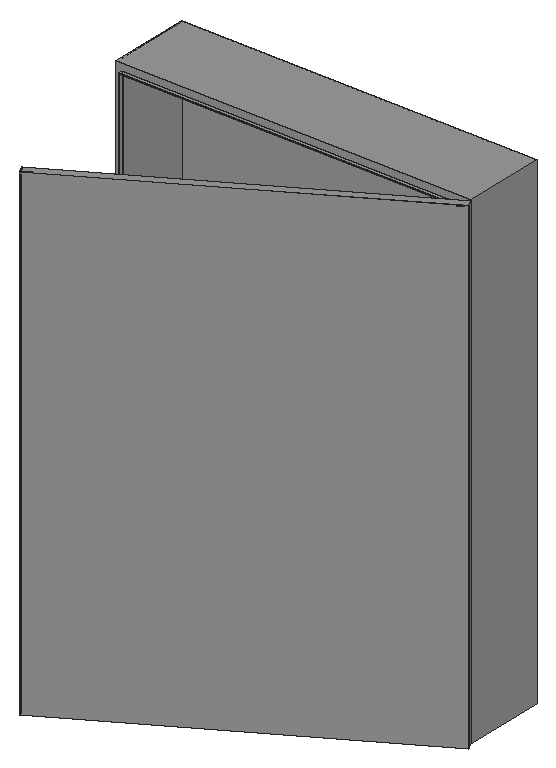
Revit family "Hager-Univers-IP54-D205-H1100-Cl.I-Encl-NoHosted-DE-de", category Equipement électrique, Revit 2020
Family settings
  Configuration du panneau = Deux colonnes, circuits au sein
  Cote de connecteur circulaire = Utiliser le diamètre
  Type d'élément = Tableau de raccordement
  Basée sur le plan de construction = Oui
  Toujours verticalement = Oui
  Couper avec des vides une fois chargée = Non
  Partagée = Non
  Point de calcul de pièce = Non
Parameters (values of type "Aufputz IP54 B800 H1100 T205  - FP73TW2")
  Width Control [instance] = if([EF000008 - Breite] > Min Width, [EF000008 - Breite], Min Width)  # 800 mm
  Commentaires du type = [HG000003 - Bereich]  # "Univers"
  Thickness Door [instance] = if([EF009171 - Materialstärke Tür/Deckel] > 3 mm, 3 mm, [EF009171 - Materialstärke Tür/Deckel])  # 1 mm
  Seal Frame Offset [instance] = 17 mm  # constant formula
  Plinth Visibility [instance] = [HG000027 - Sockelhöhe] > 0 mm  # no
  Min Width [instance] = 100 mm  # constant formula
  Min Depth [instance] = (2 * [EF009170 - Materialstärke Gehäuse]) + 1 mm  # 3 mm
  Min Height [instance] = 100 mm  # constant formula
  Internal Frame Depth [instance] = (Door System Depth * 0.5)  # 9 mm
  Panel Name [instance] = ""  # (empty or 0)
  Model = ""
  HG000027 - Sockelhöhe = 0 mm
  HG000026 - Stehend auf dem Boden = no
  HG000024 - Höhe des unteren Teils = 600 mm
  HG000023 - Gehäuse mit doppeltem Querschnitt = no
  HG000016 - 3D-Türsichtbarkeit [instance] = yes
  HG000015 - Sichtbarkeit der Türöffnung [instance] = no
  HG000014 - Tür rechts [instance] = yes
  HG000013 - Tür links [instance] = not([HG000014 - Tür rechts])  # no
  HG000012 - Türschwenkwinkel [instance] = 30.00°
  HG000010 - Asymmetrische Türen = no
  HG000009 - Doppelflügeligen Tür = no
  HG000006 - Unterputz = no
  HG000004 - Herstellerreferenz = "FP73TW2"
  HG000003 - Bereich = "Univers"
  HG000002 - Mit tür = yes
  Frame Offset Bottom [instance] = 10 mm  # constant formula
  Frame Offset [instance] = 15 mm  # constant formula
  EF015940 - Deckel mit Überdruckentlastung = no
  EF011959 - Schutzart (NEMA) = ""
  EF009554 - Anzahl der Öffnungen für Flanschplatten = 6
  EF009212 - Ausführung Deckel = "EV000116 - geschlossen"
  EF009171 - Materialstärke Tür/Deckel = 1 mm
  EF009170 - Materialstärke Gehäuse = 1 mm
  EF008873 - Nennstrom (In) = 250 A
  EF007800 - Geeignet für Blitzschutz = no
  EF006306 - Mit Schloss = no
  EF006244 - Transparenter Deckel/Tür = no
  EF005474 - Schutzart (IP) = "EV006419 - IP54"
  EF004464 - Art der Tür = "EV002646 - Einzel"
  EF004427 - Anzahl der Module = 252
  EF004293 - Schlagfestigkeit = "EV006815 - IK09"
  EF003532 - Geeignet für Außengebrauch = no
  EF002950 - Breite in Teilungseinheiten = 36
  EF001613 - Funktionserhalt = "EV000494 - ohne"
  EF001596 - Werkstoff des Gehäuses = "EV000179 - Stahl"
  EF001131 - Innentiefe = 130 mm
  EF001088 - Anbaumöglichkeit = yes
  EF000437 - Anzahl der Leitungseinführungen = 6
  EF000339 - Art der Abdeckung = "EV001012 - Deckel"
  EF000266 - Anzahl der Reihen = 7
  EF000218 - Einbautiefe = 205 mm
  EF000118 - Mit Montageplatte = no
  EF000116 - RAL-Nummer = "9010"
  EF000049 - Tiefe = 205 mm
  EF000040 - Höhe = 1100 mm
  EF000008 - Breite = 800 mm
  EF000007 - Farbe = "EV000202 - weiß"
  EF000003 - Montageart = "EV000384 - Aufputz"
  Door System Leaf Tolerance [instance] = 1.5 mm  # constant formula
  Door System Depth [instance] = 18 mm  # constant formula
  Door Height [instance] = Height Control - [HG000027 - Sockelhöhe]  # 1100 mm
  Description = ""
  Default Elevation = 1219.2 mm
  Connector Offset [instance] = Height Control / 2  # 550 mm
  Fabricant = "Hager"  # constant formula
  Height Control [instance] = if([EF000040 - Höhe] > Min Height, [EF000040 - Höhe], Min Height)  # 1100 mm
  Depth Control [instance] = if([EF000049 - Tiefe] > Min Depth, [EF000049 - Tiefe], Min Depth)  # 205 mm
  Bottom Top Plate Trim [instance] = 1.5 mm  # constant formula
  Plinth height Ctrl [instance] = if([HG000027 - Sockelhöhe] > 0 mm, [HG000027 - Sockelhöhe], 12 mm)  # 12 mm
Types (8, lengths in mm): name | Width Control | HG000009 - Doppelflügeligen Tür | HG000004 - Herstellerreferenz | EF009554 - Anzahl der Öffnungen für Flanschplatten | EF004464 - Art der Tür | EF004427 - Anzahl der Module | EF002950 - Breite in Teilungseinheiten | EF000437 - Anzahl der Leitungseinführungen | EF000008 - Breite
  Aufputz IP54 B1300 H1100 T205  - FP75TW | 1300 | yes | "FP75TW" | 10 | "EV003602 - Doppel" | 420 | 60 | 10 | 1300
  Aufputz IP54 B1300 H1100 T205  - FP75TW2 | 1300 | no | "FP75TW2" | 10 | "EV003602 - Doppel" | 420 | 60 | 10 | 1300
  Aufputz IP54 B300 H1100 T205  - FP71TW | 300 | no | "FP71TW" | 2 | "EV002646 - Einzel" | 84 | 12 | 2 | 300
  Aufputz IP54 B300 H1100 T205  - FP71TW2 | 300 | no | "FP71TW2" | 2 | "EV002646 - Einzel" | 84 | 12 | 2 | 300
  Aufputz IP54 B550 H1100 T205  - FP72TW | 550 | no | "FP72TW" | 4 | "EV002646 - Einzel" | 168 | 24 | 4 | 550
  Aufputz IP54 B550 H1100 T205  - FP72TW2 | 550 | no | "FP72TW2" | 4 | "EV002646 - Einzel" | 168 | 24 | 4 | 550
  Aufputz IP54 B800 H1100 T205  - FP73TW | 800 | no | "FP73TW" | 6 | "EV002646 - Einzel" | 252 | 36 | 6 | 800
  Aufputz IP54 B800 H1100 T205  - FP73TW2 | 800 | no | "FP73TW2" | 6 | "EV002646 - Einzel" | 252 | 36 | 6 | 800
Reference planes
  plane 1 "Center (Front/Back)": y = 0
  plane 2: z = 0
  plane 3 "Center (Left/Right)": x = 0
  plane 4: y = 0
  plane 5: y = 0
  plane 6: z = 0
  plane 7: x = -400
  plane 8: x = 400
  plane 9: x = 399
  plane 10: x = -399
  plane 11: z = 0
  plane 12: z = 1
  plane 13: y = -205
  plane 14: y = -1
  plane 15: x = 0
  plane 16: y = -187
  plane 17: y = -204
  plane 18: y = -186
  plane 19: x = -384
  plane 20: x = 384
  plane 21: z = 11
  plane 22: x = -383
  plane 23: x = 383
  plane 24: z = 0
  plane 25: z = 1100
  plane 26: z = 1100
  plane 27: z = 1084
  plane 28: z = 1099
Forms (mm)
  Extrusion 1, solid, material "Hager_Steel_RAL7035_Light_Grey", detail levels medium+fine
    sketch origin (-208.679, -4572, 0) x (-1, 0, 0) y (0, -1, 0)
      loop
        line (191.321, -4385) -> (-608.679, -4385) -> (-608.679, -4572) -> (191.321, -4572) -> (191.321, -4385)
    from 0 to 1100
  Extrusion 2, void
    sketch origin (-350.771, -205, 1219.2) x (1, 0, 0) y (0, 0, 1)
      loop
        line (-48.229, -120.2) -> (-48.229, -1218.2) -> (749.771, -1218.2) -> (749.771, -120.2) -> (-48.229, -120.2)
    from -19 to -204
  Extrusion 3, void
    sketch origin (-290.084, -187, 1219.2) x (1, 0, 0) y (0, 0, 1)
      loop
        line (-93.916, -1208.2) -> (674.084, -1208.2) -> (674.084, -135.2) -> (-93.916, -135.2) -> (-93.916, -1208.2)
    from 0 to -1
  Extrusion 4, solid, material "Hager_Steel_RAL7035_Light_Grey", visible <- "Plinth Visibility", detail levels medium+fine
    sketch origin (0, 0, 0) x (1, 0, 0) y (0, 1, 0)
      loop
        line (-400, 0) -> (-400, -187) -> (400, -187) -> (400, 0) -> (-400, 0)
    from 0 to 12 <- "Plinth height Ctrl"
  Extrusion 5, solid, material "Hager_Steel_RAL7035_Light_Grey", detail levels coarse
    sketch origin (0, 0, 0) x (1, 0, 0) y (0, 1, 0)
      loop
        line (-400, 0) -> (-400, -205) -> (400, -205) -> (400, 0) -> (-400, 0)
    from 0 to 1100 <- "Height Control"
  Sweep 6, void
    path in 3D
      loop
        line (-400, -187, 12) -> (400, -187, 12) -> (400, 0, 12) -> (-400, 0, 12) -> (-400, -187, 12)
    profile origin (-400, -93.5, 12) x (1, 0, 0) y (0, 0, 1)
      loop
        line (0, 0) -> (0, -1.5) -> (1.5, -1.5)
        arc (1.5, -1.5) -> (1.061, -0.439) -> (0, 0) r 1.5
  Extrusion 7, solid, material "Hager_Steel_RAL7035_Light_Grey", detail levels fine
    sketch origin (-400, -187, 0) x (1, 0, 0) y (0, 0, 1)
      loop
        line (16, 11) -> (784, 11) -> (784, 1084) -> (16, 1084) -> (16, 11)
      loop
        line (15, 10) -> (785, 10) -> (785, 1085) -> (15, 1085) -> (15, 10)
    from 0 to 9 <- "Internal Frame Depth"
Cuts and joins
  Extrusion 2, Extrusion 3 cuts Extrusion 1
  Sweep 6 cuts Extrusion 4
Lines and regions (mm)
  Masking region 1
    outline origin (0, 0, 0) x (1, 0, 0) y (0, 1, 0)
      loop
        line (-400, 0) -> (-400, -205) -> (400, -205) -> (400, 0) -> (-400, 0)
  Masking region 2, detail levels coarse
    outline origin (-290.084, -187, 1219.2) x (-1, 0, 0) y (0, 0, 1)
      loop
        line (-690.084, -1219.2) -> (109.916, -1219.2) -> (109.916, -119.2) -> (-690.084, -119.2) -> (-690.084, -1219.2)
  Masking region 3, detail levels coarse
    outline origin (0, 0, 0) x (0, 1, 0) y (0, 0, 1)
      loop
        line (0, 0) -> (0, 1100) -> (-205, 1100) -> (-205, 0) -> (0, 0)
  Masking region 4, visible <- "Plinth Visibility", detail levels medium+fine
    outline origin (0, 0, 0) x (0, 1, 0) y (0, 0, 1)
      loop
        line (-1.5, 12) -> (-185.5, 12)
        arc (-185.5, 12) -> (-185.939, 10.939) -> (-187, 10.5) r 1.5
        line (-187, 10.5) -> (-187, 0) -> (0, 0) -> (0, 10.5)
        arc (0, 10.5) -> (-1.061, 10.939) -> (-1.5, 12) r 1.5
  Masking region 5, detail levels medium+fine
    outline origin (0, 0, 594.038) x (0, 1, 0) y (0, 0, 1)
      loop
        line (0, -594.038) -> (0, 505.962) -> (-187, 505.962) -> (-187, -594.038) -> (0, -594.038)
  Masking region 6, detail levels medium+fine
    outline origin (-359.7, -187, 1211.883) x (-1, 0, 0) y (0, 0, 1)
      loop
        line (-759.7, -1211.883) -> (40.3, -1211.883) -> (40.3, -111.883) -> (-759.7, -111.883) -> (-759.7, -1211.883)
  Masking region 7, visible <- "Plinth Visibility", detail levels medium+fine
    outline origin (-320.334, -187, 1041.368) x (-1, 0, 0) y (0, 0, 1)
      loop
        line (-720.334, -1041.368) -> (79.666, -1041.368) -> (79.666, -1030.868)
        arc (79.666, -1030.868) -> (78.606, -1030.429) -> (78.166, -1029.368) r 1.5
        line (78.166, -1029.368) -> (-718.834, -1029.368)
        arc (-718.834, -1029.368) -> (-719.273, -1030.429) -> (-720.334, -1030.868) r 1.5
        line (-720.334, -1030.868) -> (-720.334, -1041.368)
  sketch lines
    curve 1: line (-400, 0, 12) -> (-400, -187, 12)
    curve 2: line (-400, -187, 12) -> (400, -187, 12)
    curve 3: line (400, 0, 12) -> (-400, 0, 12)
    curve 4: line (400, -187, 12) -> (400, 0, 12)
Dimensions and locks
  locked: plane 1 "Center (Front/Back)" to plane 5
  "EF009170 - Materialstärke Gehäuse": plane 7 to plane 10
  "EF009170 - Materialstärke Gehäuse": plane 8 to plane 9
  equal spacing: plane 7, plane 3 "Center (Left/Right)", plane 8
  "Width Control": plane 7 to plane 8
  "Depth Control": plane 4 to plane 13
  "EF009170 - Materialstärke Gehäuse": plane 4 to plane 14
  "Height Control": plane 25 to level
  "HG000027 - Sockelhöhe": plane 11 to level
  "EF009170 - Materialstärke Gehäuse": plane 12 to plane 11
  "EF009170 - Materialstärke Gehäuse": plane 17 to plane 13
  "EF009170 - Materialstärke Gehäuse": plane 18 to plane 16
  "Frame Offset Bottom": plane 21 to plane 12
  "Frame Offset": plane 10 to plane 19
  "Frame Offset": plane 9 to plane 20
  "Door System Depth": plane 16 to plane 13
  "Seal Frame Offset": plane 7 to plane 22
  "Seal Frame Offset": plane 8 to plane 23
  "EF009170 - Materialstärke Gehäuse": plane 26 to plane 28
  "Frame Offset": plane 28 to plane 27
  "Connector Offset": plane 2 to connector elem
  "Bottom Top Plate Trim": profile plane to Sweep 6 sketch curve
  "Bottom Top Plate Trim": Sweep 6 sketch curve to Sweep 6 sketch curve
  "Plinth height Ctrl": Masking region 4 sketch curve to level
  "Plinth height Ctrl": Masking region 7 sketch curve to level
  "Thickness Door": Extrusion 7 sketch curve to Extrusion 7 sketch curve  (x4)
  "Bottom Top Plate Trim": radius of Sweep 6 sketch curve
  "Bottom Top Plate Trim": radius of Masking region 4 sketch curve  (x2)
  "Bottom Top Plate Trim": radius of Masking region 7 sketch curve  (x2)
  aligned and locked: Extrusion 2 sketch curve to plane 12
  aligned and locked: Extrusion 2 sketch curve to plane 9
  aligned and locked: Extrusion 2 sketch curve to plane 10
  aligned and locked: Extrusion 2 to plane 14
  aligned and locked: Extrusion 1 sketch curve to plane 4
  aligned and locked: plane 8 to Extrusion 1 sketch curve
  aligned and locked: plane 7 to Extrusion 1 sketch curve
  aligned and locked: Extrusion 2 to plane 18
  aligned and locked: Extrusion 3 sketch curve to plane 19
  aligned and locked: plane 20 to Extrusion 3 sketch curve
  aligned and locked: Extrusion 3 to Extrusion 2
  aligned and locked: Extrusion 3 sketch curve to plane 21
  aligned and locked: plane 3 "Center (Left/Right)" to nested 1
  aligned and locked: Extrusion 1 sketch curve to plane 16
  aligned and locked: Extrusion 4 sketch curve to cut or joined group of Extrusion 1, Extrusion 2, Extrusion 3
  aligned and locked: Masking region 1 sketch curve to plane 7
  aligned and locked: Masking region 1 sketch curve to plane 5
  aligned and locked: Masking region 1 sketch curve to plane 8
  aligned and locked: Masking region 2 sketch curve to level
  aligned and locked: level to Masking region 3 sketch curve
  aligned and locked: plane 1 "Center (Front/Back)" to Masking region 3 sketch curve
  aligned and locked: plane 13 to Masking region 3 sketch curve
  aligned and locked: plane 5 to Masking region 4 sketch curve
  aligned and locked: Masking region 2 sketch curve to plane 8
  aligned and locked: Masking region 2 sketch curve to plane 7
  aligned and locked: plane 7 to nested 2
  aligned and locked: nested 2 to plane 5
  aligned and locked: plane 5 to Masking region 5 sketch curve
  aligned and locked: plane 26 to Masking region 5 sketch curve
  aligned and locked: Extrusion 5 sketch curve to plane 8
  aligned and locked: Extrusion 5 sketch curve to plane 7
  aligned and locked: Extrusion 5 sketch curve to plane 5
  aligned and locked: Extrusion 3 sketch curve to plane 27
  aligned and locked: Extrusion 2 sketch curve to plane 28
  aligned and locked: Masking region 2 to plane 25
  aligned and locked: Extrusion 4 to plane 16
  aligned and locked: profile plane to Sweep 6 sketch curve
  aligned and locked: Masking region 5 sketch curve to plane 24
  aligned and locked: level to Masking region 4 sketch curve
  aligned and locked: Masking region 1 to plane 13
  aligned and locked: nested 1 to plane 16
  aligned and locked: Masking region 3 to plane 25
  aligned and locked: plane 16 to Masking region 4 sketch curve
  aligned and locked: Masking region 5 sketch curve to plane 16
  aligned and locked: plane 24 to plane 11
  aligned and locked: plane 26 to plane 25
  aligned and locked: plane 26 to cut or joined group of Extrusion 1, Extrusion 2, Extrusion 3
  aligned and locked: nested 1 to plane 24
  aligned and locked: Extrusion 1 to Extrusion 3
  aligned and locked: Masking region 6 sketch curve to plane 8
  aligned and locked: Masking region 6 sketch curve to plane 24
  aligned and locked: Masking region 6 sketch curve to plane 7
  aligned and locked: Masking region 6 sketch curve to plane 26
  aligned and locked: Masking region 7 sketch curve to plane 7
  aligned and locked: level to Masking region 7 sketch curve
  aligned and locked: Masking region 7 sketch curve to plane 8
  aligned and locked: Extrusion 7 sketch curve to cut or joined group of Extrusion 1, Extrusion 2, Extrusion 3  (x4)
Automatic sketch dimensions
  plane 19 to Extrusion 3 sketch curve = 0 mm
  Extrusion 3 sketch curve to plane 20 = 0 mm
  Extrusion 3 sketch curve to plane 21 = 0 mm
  Extrusion 4 sketch curve to plane 7 = 0 mm
  Extrusion 4 sketch curve to plane 8 = 0 mm
  Extrusion 4 sketch curve to plane 16 = 0 mm
  Masking region 1 sketch curve to plane 13 = 0 mm
  Masking region 2 sketch curve to plane 25 = 0 mm
  Masking region 3 sketch curve to plane 25 = 0 mm
  Extrusion 5 sketch curve to plane 13 = 0 mm
  profile plane to Sweep 6 sketch curve = 0 mm
Nested families
  nested 1: "EC000058_Univers_Door" at (0, -187, 0), Double <- "HG000009 - Doppelflügeligen Tür", Transparent <- "EF006244 - Transparenter Deckel/Tür", Angle <- "HG000012 - Türschwenkwinkel", Door_Right <- "HG000014 - Tür rechts", Assymetrical <- "HG000010 - Asymmetrische Türen", Door <- "HG000002 - Mit tür", Width_Ctrl <- "Width Control", 3d_Door <- "HG000016 - 3D-Türsichtbarkeit", Clearance <- "HG000015 - Sichtbarkeit der Türöffnung", Door_Left <- "HG000013 - Tür links", Width <- "Width Control", Door_Depth <- "Door System Depth", Leaf_Tolerance <- "Door System Leaf Tolerance", Height <- "Door Height", Lock_Visibility <- "EF006306 - Mit Schloss", Thickness <- "Thickness Door", type "EC000058_Univers_Door", detail levels medium+fine
    with min_wh 3 mm, Width_Ctrl 800 mm, Width 800 mm, Transparent no, Thickness 1 mm, Seal_Material Hager_Rubber, Lock_Visibility no, Lock_Material Hager_Plastic_RAL9005_Jet_Black, Leaf_Width 800 mm, Leaf_Tolerance_External_Sides 0 mm, Leaf_Tolerance 1.5 mm, Leaf_Offset 0 mm, Leaf_Height 1097 mm, Leaf_2_Width 800 mm, Leaf_2_Offset 400 mm, Leaf_1_Width 800 mm, Leaf_1_Offset 400 mm, Height_Ctrl 1100 mm, Height 1100 mm, Glass_Material Hager_Glass, Double_Clearance_Ctrl no, Double no, Door_Right_Ctrl yes, Door_Right yes, Door_Material Hager_Steel_RAL7035_Light_Grey, Door_Left_Ctrl no, Door_Left no, Door_Depth 18 mm, Door yes, Clearance_Material Hager_Clearance, Clearance_Depth 800 mm, Clearance_Ctrl no, Clearance no, Assymetrical no, Angle 30.00°, 3d_Door yes
  nested 2: "Hager_Enclosure_Symbol" at (-400, 0, 0), Height <- "Depth Control", Width <- "Width Control", type "Hager_Enclosure_Symbol"
    with Width_Ctrl 800 mm, Width 800 mm, Height_Ctrl 205 mm, Height 205 mm, A_Width_Int 13.453 mm, A_Width 161.438 mm, A_Height_Ctrl 179.375 mm, A_Height 179.375 mm
Connectors
  electrical at (0, 0, 550)
    settings: on plane 1 "Center (Front/Back)", index 1, voltage 0 V, apparent load 0 VA, apparent load phase1 0 VA, apparent load phase2 0 VA, apparent load phase3 0 VA, power factor 1, load classification "Other", number of poles 1, system type 30, power factor state 1, is connector primary yes, connector utility no, sub classification motor no, connector description ""
Definition of nested family "EC000058_Univers_Door"
  Parameters (values of type "EC000058_Univers_Door")
    min_wh [instance] = (2 * Thickness) + 1 mm  # 11 mm
    Width_Ctrl [instance] = 400 mm
    Width [instance] = 500 mm
    Transparent [instance] = yes
    Thickness [instance] = 5 mm
    Seal_Material [instance] = none
    Lock_Visibility [instance] = yes
    Lock_Material [instance] = none
    Leaf_Width [instance] = if((Width_Ctrl - 2 * Leaf_Tolerance_External_Sides) > 0 mm, (Width_Ctrl - 2 * Leaf_Tolerance_External_Sides), min_wh)  # 400 mm
    Leaf_Tolerance_External_Sides [instance] = 0 mm  # constant formula
    Leaf_Tolerance [instance] = 1.5 mm
    Leaf_Offset [instance] = 0 mm  # constant formula
    Leaf_Height [instance] = if((Height_Ctrl - 2 * Leaf_Tolerance) > 0 mm, (Height_Ctrl - 2 * Leaf_Tolerance), min_wh)  # 497 mm
    Leaf_2_Width [instance] = if(and(and(Double, Assymetrical), Door_Left), (Leaf_Width / 3) - (Leaf_Tolerance / 2), if(and(and(Double, Assymetrical), Door_Right), (Leaf_Width / 3) * 2 - (Leaf_Tolerance / 2), if(and(Double, not(Assymetrical)), (Leaf_Width / 2) - Leaf_Tolerance, Leaf_Width)))  # 400 mm
    Leaf_2_Offset [instance] = if(and(Double, Assymetrical), Leaf_2_Width / 2, if(and(Double, not(Assymetrical)), Leaf_Width / 4, Leaf_Width / 2))  # 200 mm
    Leaf_1_Width [instance] = if(and(and(Double, Assymetrical), Door_Right), (Leaf_Width / 3) - (Leaf_Tolerance / 2), if(and(and(Double, Assymetrical), Door_Left), (Width / 3) * 2 - (Leaf_Tolerance / 2), if(and(Double, not(Assymetrical)), (Leaf_Width / 2) - Leaf_Tolerance, Leaf_Width)))  # 400 mm
    Leaf_1_Offset [instance] = if(and(Double, Assymetrical), Leaf_1_Width / 2, if(and(Double, not(Assymetrical)), Leaf_Width / 4, Leaf_Width / 2))  # 200 mm
    Height_Ctrl [instance] = if(Height > min_wh, Height, min_wh)  # 500 mm
    Height [instance] = 500 mm
    Glass_Material [instance] = none
    Double_Clearance_Ctrl [instance] = and(Double, Clearance)  # no
    Double [instance] = no
    Door_Right_Ctrl [instance] = and(or(Door_Right, Double), Door)  # yes
    Door_Right [instance] = yes
    Door_Material [instance] = none
    Door_Left_Ctrl [instance] = and(or(Door_Left, Double), Door)  # no
    Door_Left [instance] = no
    Door_Depth [instance] = 30 mm
    Door [instance] = yes
    Default Elevation = 1219.2 mm
    Clearance_Material [instance] = none
    Clearance_Depth [instance] = if(Leaf_1_Width > Leaf_2_Width, Leaf_1_Width, Leaf_2_Width)  # 400 mm
    Clearance_Ctrl [instance] = and(not(Double), Clearance)  # yes
    Clearance [instance] = yes
    Assymetrical [instance] = yes
    Angle [instance] = 30.00°
    3d_Door [instance] = yes
  Reference planes
    plane 1 "Center (Front/Back)": y = 0
    plane 2 "Bottom": z = 0
    plane 3 "Center (Left/Right)": x = 0
    plane 4: z = 500
    plane 5: x = -200
    plane 6: x = 200
    plane 7: z = 500
    plane 8: x = -200
    plane 9: z = 0
    plane 10: x = 200
    plane 11: y = 0
    plane 12: z = 1.5
    plane 13: x = -600
    plane 14: y = -400
    plane 15: x = 600
    plane 16: x = 0
    plane 17: x = 0
    plane 18: x = -200
    plane 19: x = 200
    plane 20: z = 498.5
  Forms (mm)
    Extrusion 1, solid, material <- "Clearance_Material", visible <- "Double_Clearance_Ctrl"
      sketch origin (1200, 0, 0) x (1, 0, 0) y (0, 0, -1)
        loop
          line (-1800, -498.5) -> (-600, -498.5) -> (-600, 0) -> (-1800, 0) -> (-1800, -498.5)
      from 0 to -400
  Dimensions and locks
    equal spacing: plane 5, plane 3 "Center (Left/Right)", plane 6
    "Width_Ctrl": plane 5 to plane 6
    "Leaf_Offset": plane 5 to plane 8
    "Leaf_Offset": plane 6 to plane 10
    "Leaf_Offset": plane 9 to level
    "Leaf_Offset": plane 4 to plane 7
    "Height_Ctrl": plane 4 to level
    "Leaf_Tolerance": plane 12 to plane 9
    locked: plane 11 to plane 1 "Center (Front/Back)"
    "Leaf_1_Offset": plane 18 to plane 16
    "Leaf_2_Offset": plane 17 to plane 19
    "Leaf_1_Width": plane 13 to plane 8
    "Leaf_2_Width": plane 10 to plane 15
    "Clearance_Depth": plane 14 to plane 1 "Center (Front/Back)"
    "Leaf_Tolerance_External_Sides": plane 8 to plane 18
    "Leaf_Tolerance_External_Sides": plane 19 to plane 10
    "Leaf_Tolerance": plane 7 to plane 20
    aligned and locked: level to plane 2 "Bottom"
    aligned and locked: nested 1 to plane 16
    aligned and locked: nested 2 to plane 17
    aligned and locked: Extrusion 1 to plane 13
    aligned and locked: plane 15 to Extrusion 1
    aligned and locked: Extrusion 1 to plane 14
    aligned and locked: plane 12 to nested 1
    aligned and locked: nested 2 to plane 12
    aligned and locked: Extrusion 1 to plane 11
    aligned and locked: plane 20 to Extrusion 1
    aligned and locked: nested 2 to plane 11
    aligned and locked: nested 1 to plane 11
  Automatic sketch dimensions
    Extrusion 1 sketch curve to level = 0 mm
    plane 5 to Extrusion 1 sketch curve = 400 mm
    plane 6 to Extrusion 1 sketch curve = 400 mm
    Extrusion 1 sketch curve to plane 4 = 1.5 mm
  Nested families
    nested 1: "EC000058_Univers_Door_Leaf" at (0, 0, 1.5), Width <- "Leaf_1_Width", visible <- "Door_Left_Ctrl", Leaf_Height <- "Leaf_Height", Angle <- "Angle", 3d_Door <- "3d_Door", Transparent <- "Transparent", Clearance Material <- "Clearance_Material", Clearance <- "Clearance_Ctrl", Door_Material <- "Door_Material", Glass_Material <- "Glass_Material", Door_Depth <- "Door_Depth", Lock_Material <- "Lock_Material", Seal_Material <- "Seal_Material", Lock_Visibility <- "Lock_Visibility", Thickness <- "Thickness", type "EC000058_Univers_Door_Leaf"
      with Width 400 mm, Transparent_Glass_Offset 30 mm, Transparent_Ctrl yes, Transparent yes, Thickness 5 mm, Standard no, Seal_Material none, Seal_D2 8 mm, Seal_D1 1 mm, Offset_Internal_Frame 10 mm, Lock_Width 20 mm, Lock_Visibility_3d yes, Lock_Visibility yes, Lock_Thickness_3 3 mm, Lock_Thickness_2 1 mm, Lock_Thickness_1 3 mm, Lock_Radius_Offset_2 16 mm, Lock_Radius_Offset_1 15 mm, Lock_Radius_2 5 mm, Lock_Radius 6 mm, Lock_Offset 5 mm, Lock_Material none, Lock_Height 80 mm, Lock_Cover_Top_Offset_2d 17 mm, Lock_Cover_Height -65 mm, Leaf_Height 497 mm, Internal_Seal_Thickness 8 mm, Internal_Seal_Depth_2 4.5 mm, Internal_Frame_Depth 25 mm, Glass_Thickness -1 mm, Glass_Offset -2 mm, Glass_Material none, Door_Material none, Door_Depth 30 mm, Clearance Material none, Clearance yes, Angle_Ctrl 30.00°, Angle 30.00°, 3d_Door yes
    nested 2: "EC000058_Univers_Door_Leaf" at (0, 0, 1.5) x (-1, 0, 0) z (0, 0, 1), Width <- "Leaf_2_Width", visible <- "Door_Right_Ctrl", Leaf_Height <- "Leaf_Height", Angle <- "Angle", 3d_Door <- "3d_Door", Transparent <- "Transparent", Clearance Material <- "Clearance_Material", Clearance <- "Clearance_Ctrl", Door_Material <- "Door_Material", Glass_Material <- "Glass_Material", Door_Depth <- "Door_Depth", Lock_Material <- "Lock_Material", Seal_Material <- "Seal_Material", Lock_Visibility <- "Lock_Visibility", Thickness <- "Thickness", type "EC000058_Univers_Door_Leaf"
      with Width 400 mm, Transparent_Glass_Offset 30 mm, Transparent_Ctrl yes, Transparent yes, Thickness 5 mm, Standard no, Seal_Material none, Seal_D2 8 mm, Seal_D1 1 mm, Offset_Internal_Frame 10 mm, Lock_Width 20 mm, Lock_Visibility_3d yes, Lock_Visibility yes, Lock_Thickness_3 3 mm, Lock_Thickness_2 1 mm, Lock_Thickness_1 3 mm, Lock_Radius_Offset_2 16 mm, Lock_Radius_Offset_1 15 mm, Lock_Radius_2 5 mm, Lock_Radius 6 mm, Lock_Offset 5 mm, Lock_Material none, Lock_Height 80 mm, Lock_Cover_Top_Offset_2d 17 mm, Lock_Cover_Height -65 mm, Leaf_Height 497 mm, Internal_Seal_Thickness 8 mm, Internal_Seal_Depth_2 4.5 mm, Internal_Frame_Depth 25 mm, Glass_Thickness -1 mm, Glass_Offset -2 mm, Glass_Material none, Door_Material none, Door_Depth 30 mm, Clearance Material none, Clearance yes, Angle_Ctrl 30.00°, Angle 30.00°, 3d_Door yes
  Definition of nested family "EC000058_Univers_Door_Leaf"
    Parameters (values of type "EC000058_Univers_Door_Leaf")
      Width [instance] = 2000 mm
      Transparent_Glass_Offset [instance] = 30 mm
      Transparent_Ctrl [instance] = and(Transparent, [3d_Door])  # yes
      Transparent [instance] = yes
      Thickness [instance] = 5 mm
      Standard [instance] = and(not(Transparent), [3d_Door])  # no
      Seal_Material [instance] = none
      Seal_D2 [instance] = 8 mm  # constant formula
      Seal_D1 [instance] = 1 mm  # constant formula
      Offset_Internal_Frame [instance] = 10 mm  # constant formula
      Lock_Width [instance] = 20 mm  # constant formula
      Lock_Visibility_3d [instance] = and(Lock_Visibility, [3d_Door])  # yes
      Lock_Visibility [instance] = yes
      Lock_Thickness_3 [instance] = 3 mm  # constant formula
      Lock_Thickness_2 [instance] = 1 mm  # constant formula
      Lock_Thickness_1 [instance] = 3 mm  # constant formula
      Lock_Radius_Offset_2 [instance] = Lock_Radius_Offset_1 + 1 mm  # 16 mm
      Lock_Radius_Offset_1 [instance] = 15 mm  # constant formula
      Lock_Radius_2 [instance] = Lock_Radius - 1 mm  # 5 mm
      Lock_Radius [instance] = 6 mm  # constant formula
      Lock_Offset [instance] = 5 mm  # constant formula
      Lock_Material [instance] = none
      Lock_Height [instance] = 80 mm  # constant formula
      Lock_Cover_Top_Offset_2d [instance] = Lock_Radius_Offset_2 + 1 mm  # 17 mm
      Lock_Cover_Height [instance] = -(Lock_Height - Lock_Radius_Offset_1)  # -65 mm
      Leaf_Height [instance] = 2720.336 mm
      Internal_Seal_Thickness [instance] = 8 mm  # constant formula
      Internal_Seal_Depth_2 [instance] = 4.5 mm  # constant formula
      Internal_Frame_Depth [instance] = if(Door_Depth - Thickness > 5 mm, Door_Depth - Thickness, 5 mm)  # 25 mm
      Glass_Thickness [instance] = if(Thickness > 15 mm, Glass_Offset + 10 mm, -1 mm)  # -1 mm
      Glass_Offset [instance] = if(Thickness > 15 mm, -(Thickness + 10 mm) / 2, -2 mm)  # -2 mm
      Glass_Material [instance] = none
      Door_Material [instance] = none
      Door_Depth [instance] = 30 mm
      Default Elevation = 0 mm
      Clearance Material [instance] = none
      Clearance [instance] = yes
      Angle_Ctrl [instance] = if(Angle > 180.00°, 180.00°, Angle)  # 90.00°
      Angle [instance] = 90.00°
      3d_Door [instance] = yes
    Reference planes
      plane 1 "Center (Front/Back)": y = 0
      plane 2: z = 0
      plane 3 "Center (Left/Right)": x = 0
      plane 4: y = 2000
      plane 5: x = -1000
      plane 6: x = 1000
      plane 7: x = -3000
      plane 8: z = 2720.336
      plane 9: z = 30
      plane 10: z = 2690.336
      plane 11: x = 970
      plane 12: x = -970
      plane 13: y = -3
      plane 14: z = 107.833
      plane 15: y = -5
      plane 16: y = -223.314
      plane 17: x = -1000
      plane 18: z = 1360.168
      plane 19: y = 30
    Forms (mm)
      Extrusion 1, solid, material <- "Clearance Material", visible <- "Clearance"
        sketch origin (0, 0, 0) x (1, 0, 0) y (0, 0, 1)
          loop
            line (-3000, 2720.336) -> (-3000, 0) -> (1000, 0) -> (1000, 2720.336) -> (-3000, 2720.336)
        from 0 to -2000
      Extrusion 2, solid, material <- "Door_Material", visible <- "Standard", detail levels medium+fine
        sketch origin (-1000, 0, 0) x (0, 1, 0) y (-1, 0, 0)
          loop
            line (0, 30) -> (0, 25) -> (2000, 25) -> (2000, 30) -> (0, 30)
        from 0 to 2720.336 <- "Leaf_Height"
      Extrusion 3, solid, material <- "Door_Material", visible <- "Transparent_Ctrl", detail levels medium+fine
        sketch origin (-1000, 0, 0) x (0, 1, 0) y (-1, 0, 0)
          loop
            line (0, 25) -> (2000, 25) -> (2000, 30) -> (0, 30) -> (0, 25)
        from 0 to 2720.336 <- "Leaf_Height"
      Extrusion 4, void
        sketch origin (-1025, 2000, 0) x (0, 1, 0) y (0, 0, -1)
          loop
            line (-30, -2690.336) -> (-30, -30) -> (-1970, -30) -> (-1970, -2690.336) -> (-30, -2690.336)
        from 0 to 5 <- "Thickness"
      Sweep 5, solid, material <- "Seal_Material", visible <- "Transparent_Ctrl", detail levels fine
        path in 3D
          loop
            line (-1025, 30, 30) -> (-1025, 30, 2690.336) -> (-1025, 1970, 2690.336) -> (-1025, 1970, 30) -> (-1025, 30, 30)
        profile origin (-1025, 1000, 30) x (1, 0, 0) y (0, 0, 1)
          loop
            line (0, 0) -> (0, -8) -> (1, -8) -> (1, 0) -> (0, 0)
      Extrusion 6, solid, material <- "Glass_Material", visible <- "Transparent_Ctrl", detail levels medium+fine
        sketch origin (-1030, 0, 0) x (0, 1, 0) y (0, 0, -1)
          loop
            line (1970, -2690.336) -> (1970, -30) -> (30, -30) -> (30, -2690.336) -> (1970, -2690.336)
        from -2 <- "Glass_Offset" to -1 <- "Glass_Thickness"
      Extrusion 7, solid, material <- "Door_Material", visible <- "3d_Door", detail levels medium+fine
        sketch origin (-1025, 2000, 0) x (0, -1, 0) y (0, 0, -1)
          loop
            line (0, -2720.336) -> (2000, -2720.336) -> (2000, 0) -> (0, 0) -> (0, -2720.336)
          loop
            line (1995, -5) -> (5, -5) -> (5, -2715.336) -> (1995, -2715.336) -> (1995, -5)
        from 0 to 25 <- "Internal_Frame_Depth"
      Sweep 8, solid, material <- "Seal_Material", visible <- "Transparent_Ctrl", detail levels fine
        path in 3D
          loop
            line (-1025, 0, 0) -> (-1025, 2000, 0) -> (-1025, 2000, 2720.336) -> (-1025, 0, 2720.336) -> (-1025, 0, 0)
        profile origin (-1025, 0, 1360.168) x (1, 0, 0) y (0, 1, 0)
          loop
            line (0, 10) -> (2.975, 10)
            arc (2.975, 10) -> (4.053, 10.447) -> (4.5, 11.525) r 1.525
            line (4.5, 11.525) -> (4.5, 16.527)
            arc (4.5, 16.527) -> (4.069, 17.569) -> (3.027, 18) r 1.473
            line (3.027, 18) -> (0, 18) -> (0, 10)
      Extrusion 9, solid, material <- "Lock_Material", visible <- "Lock_Visibility_3d", detail levels fine
        sketch origin (-1030, 0, 0) x (0, 1, 0) y (0, 0, -1)
          loop
            arc (1993.5, -1400.168) -> (1994.561, -1399.729) -> (1995, -1398.668) r 1.5
            line (1995, -1398.668) -> (1995, -1320.168) -> (1975, -1320.168) -> (1975, -1398.668)
            arc (1975, -1398.668) -> (1975.439, -1399.729) -> (1976.5, -1400.168) r 1.5
            line (1976.5, -1400.168) -> (1993.5, -1400.168)
        from 3 <- "Lock_Thickness_1" to 0
      Blend 10, solid, material <- "Lock_Material", visible <- "Lock_Visibility_3d", detail levels fine
        base sketch origin (-1033, 0, 0) x (0, 1, 0) y (0, 0, -1)
          loop
            line (1975, -1320.168) -> (1975, -1398.668)
            arc (1975, -1398.668) -> (1975.439, -1399.729) -> (1976.5, -1400.168) r 1.5
            line (1976.5, -1400.168) -> (1993.5, -1400.168)
            arc (1993.5, -1400.168) -> (1994.561, -1399.729) -> (1995, -1398.668) r 1.5
            line (1995, -1398.668) -> (1995, -1320.168) -> (1975, -1320.168)
        top sketch origin (-1033, 0, 0) x (0, 1, 0) y (0, 0, -1)
          loop
            line (1976, -1320.168) -> (1976, -1398.668)
            arc (1976, -1398.668) -> (1976.146, -1399.022) -> (1976.5, -1399.168) r 0.5
            line (1976.5, -1399.168) -> (1993.5, -1399.168)
            arc (1993.5, -1399.168) -> (1993.854, -1399.022) -> (1994, -1398.668) r 0.5
            line (1994, -1398.668) -> (1994, -1320.168) -> (1976, -1320.168)
        from 0 to 1 <- "Lock_Thickness_2"
      Blend 11, solid, material <- "Lock_Material", visible <- "Lock_Visibility_3d", detail levels fine
        base sketch origin (-1034, 0, 0) x (0, 1, 0) y (0, 0, -1)
          loop
            line (1978, -1320.168) -> (1978, -1384.168)
            arc (1978, -1384.168) -> (1985, -1391.168) -> (1992, -1384.168) r 7
            line (1992, -1384.168) -> (1992, -1320.168) -> (1978, -1320.168)
        top sketch origin (-1034, 0, 0) x (0, 1, 0) y (0, 0, -1)
          loop
            line (1991, -1320.168) -> (1979, -1320.168) -> (1979, -1383.168)
            arc (1979, -1383.168) -> (1985, -1389.168) -> (1991, -1383.168) r 6
            line (1991, -1383.168) -> (1991, -1320.168)
        from 0 to 3 <- "Lock_Thickness_3"
      Extrusion 12, solid, material <- "Lock_Material", visible <- "Lock_Visibility_3d", detail levels fine
        sketch origin (-1030, 1975, 1320.168) x (1, 0, 0) y (0, -1, 0)
          loop
            line (-7, -19) -> (-7, -1) -> (0, -1) -> (0, 0) -> (-8, 0) -> (-8, -20) -> (0, -20) -> (0, -19) -> (-7, -19)
        from 0 to -65 <- "Lock_Cover_Height"
      Extrusion 13, void
        sketch origin (-1038, 1995, 1320.168) x (-1, 0, 0) y (0, 0, -1)
          loop
            line (-5, -65) -> (0, -65) -> (-5, -60) -> (-5, -65)
        from 0 to 20 <- "Lock_Width"
      Extrusion 14, void
        sketch origin (-1038, 1975, 1320.168) x (0, -1, 0) y (0, 0, -1)
          loop
            circle (-10, -15.995) r 6
          loop
            circle (-10, -15.995) r 5
        from 0 to 2
      Extrusion 15, solid, material <- "Lock_Material", visible <- "Lock_Visibility_3d", detail levels medium
        sketch origin (-1030, 0, 0) x (0, 1, 0) y (0, 0, -1)
          loop
            arc (1993.5, -1400.168) -> (1994.561, -1399.729) -> (1995, -1398.668) r 1.5
            line (1995, -1398.668) -> (1995, -1320.168) -> (1975, -1320.168) -> (1975, -1398.668)
            arc (1975, -1398.668) -> (1975.439, -1399.729) -> (1976.5, -1400.168) r 1.5
            line (1976.5, -1400.168) -> (1993.5, -1400.168)
        from 8 to 0
    Cuts and joins
      Extrusion 4 cuts Extrusion 3
      Extrusion 13, Extrusion 14 cuts Extrusion 9
      Extrusion 14 cuts Blend 11
      Extrusion 13, Extrusion 14 cuts Extrusion 12
      joined: Extrusion 9, Blend 10, Blend 11, Extrusion 12
      Extrusion 14 cuts Extrusion 15
    Lines and regions (mm)
      Masking region 1, visible <- "Lock_Visibility", detail levels fine
        outline origin (0, 0, 0) x (0, 1, 0) y (0, 0, 1)
          loop
            line (30, 1320.168) -> (33, 1320.168) -> (33, 1400.168) -> (30, 1400.168) -> (30, 1320.168)
      Masking region 2, visible <- "Lock_Visibility", detail levels fine
        outline origin (0, 3.143, 0) x (0, 1, 0) y (0, 0, 1)
          loop
            line (29.857, 1354.168) -> (30.857, 1354.168) -> (30.857, 1366.168) -> (29.857, 1366.168) -> (29.857, 1354.168)
      Masking region 3, detail levels medium+fine
        outline origin (0, 0, 0) x (0, 1, 0) y (0, 0, 1)
          loop
            line (0, 0) -> (30, 0) -> (30, 2720.336) -> (0, 2720.336) -> (0, 0)
      Masking region 4, detail levels medium+fine
        outline origin (0, 0, 0) x (1, 0, 0) y (0, 0, 1)
          loop
            line (-1000, 2720.336) -> (-1000, 0) -> (1000, 0) -> (1000, 2720.336) -> (-1000, 2720.336)
      Masking region 5, visible <- "Lock_Visibility", detail levels fine
        outline origin (-47.116, 0, 0) x (1, 0, 0) y (0, 0, 1)
          loop
            arc (1024.616, 1399.168) -> (1023.556, 1398.729) -> (1023.116, 1397.668) r 1.5
            line (1023.116, 1397.668) -> (1023.116, 1320.168) -> (1041.116, 1320.168) -> (1041.116, 1397.668)
            arc (1041.116, 1397.668) -> (1040.677, 1398.729) -> (1039.616, 1399.168) r 1.5
            line (1039.616, 1399.168) -> (1024.616, 1399.168)
      Masking region 6, visible <- "Lock_Visibility", detail levels medium+fine
        outline origin (-25, 0, 0) x (1, 0, 0) y (0, 0, 1)
          loop
            arc (1001.5, 1400.168) -> (1000.439, 1399.729) -> (1000, 1398.668) r 1.5
            line (1000, 1398.668) -> (1000, 1320.168) -> (1020, 1320.168) -> (1020, 1398.668)
            arc (1020, 1398.668) -> (1019.561, 1399.729) -> (1018.5, 1400.168) r 1.5
            line (1018.5, 1400.168) -> (1001.5, 1400.168)
      Masking region 7, visible <- "Lock_Visibility", detail levels fine
        outline origin (-73.735, 0, 0) x (1, 0, 0) y (0, 0, 1)
          loop
            line (1051.735, 1382.168) -> (1065.735, 1382.168) -> (1065.735, 1384.168)
            arc (1065.735, 1384.168) -> (1058.735, 1391.168) -> (1051.735, 1384.168) r 7
            line (1051.735, 1384.168) -> (1051.735, 1382.168)
      Masking region 8, visible <- "Lock_Visibility", detail levels fine
        outline origin (-73.735, 0, 0) x (1, 0, 0) y (0, 0, 1)
          loop
            line (1052.735, 1382.168) -> (1064.735, 1382.168) -> (1064.735, 1383.168)
            arc (1064.735, 1383.168) -> (1058.735, 1389.168) -> (1052.735, 1383.168) r 6
            line (1052.735, 1383.168) -> (1052.735, 1382.168)
      Masking region 9, visible <- "Lock_Visibility", detail levels fine
        outline origin (-25, 0, 0) x (1, 0, 0) y (0, 0, 1)
          loop
            line (1020, 1320.168) -> (1020, 1382.168) -> (1000, 1382.168) -> (1000, 1320.168) -> (1020, 1320.168)
      Masking region 10, detail levels medium+fine
        outline origin (0, 0, 0) x (1, 0, 0) y (0, 0, 1)
          loop
            circle (985, 1335.144) r 6
      Masking region 11, detail levels fine
        outline origin (0, 0, 0) x (1, 0, 0) y (0, 0, 1)
          loop
            circle (985, 1335.144) r 5
      Masking region 12, visible <- "Lock_Visibility", detail levels fine
        outline origin (0, 12.767, 0) x (0, 1, 0) y (0, 0, 1)
          loop
            line (20.233, 1320.168) -> (21.233, 1320.168) -> (21.233, 1399.168) -> (20.233, 1400.168) -> (20.233, 1320.168)
      Masking region 13, visible <- "Lock_Visibility", detail levels fine
        outline origin (0, 13.767, -10) x (0, 1, 0) y (0, 0, 1)
          loop
            line (20.233, 1330.168) -> (23.233, 1330.168) -> (23.233, 1399.168) -> (20.233, 1402.168) -> (20.233, 1330.168)
      Masking region 14, visible <- "Lock_Visibility", detail levels fine
        outline origin (0, 12.767, -10) x (0, 1, 0) y (0, 0, 1)
          loop
            line (20.233, 1330.168) -> (25.233, 1330.168) -> (25.233, 1399.305) -> (20.233, 1394.305) -> (20.233, 1330.168)
      Masking region 15, visible <- "Lock_Visibility", detail levels medium
        outline origin (0, 0, 0) x (0, 1, 0) y (0, 0, 1)
          loop
            line (30, 1320.168) -> (38, 1320.168) -> (38, 1400.168) -> (30, 1400.168) -> (30, 1320.168)
      Masking region 16, visible <- "Lock_Visibility", detail levels fine
        outline origin (-1000, 0, 0) x (0, 1, 0) y (-1, 0, 0)
          loop
            line (1975, 30) -> (1995, 30) -> (1995, 38) -> (1975, 38) -> (1975, 30)
          loop
            line (1979, 37) -> (1976, 37) -> (1976, 34) -> (1978, 34) -> (1979, 37)
          loop
            line (1994, 37) -> (1991, 37) -> (1992, 34) -> (1994, 34) -> (1994, 37)
      Masking region 17, visible <- "Lock_Visibility", detail levels medium
        outline origin (-1000, 0, 0) x (0, 1, 0) y (-1, 0, 0)
          loop
            line (1975, 30) -> (1995, 30) -> (1995, 38) -> (1975, 38) -> (1975, 30)
      symbolic lines
        curve 1: line (1000, 0, 0) -> (-3000, 0, 0)
        curve 2: arc (1000, 0, 0) -> (-1000, 2000, 0) -> (-3000, 0, 0) r 2000
        curve 4: line (-1030, 0, 0) -> (-1030, 2000, 0)
      reference lines
        curve 3: line (-1000, 0, 0) -> (-1000, 2000, 0)
      symbolic lines, detail levels medium+fine
        curve 5: line (-1030, 2000, 0) -> (-1025, 2000, 0)
        curve 7: line (-1025, 0, 0) -> (-1030, 0, 0)
        curve 8: line (-1025, 0, 0) -> (-1000, 0, 0)
        curve 9: line (-1000, 0, 0) -> (-1000, 2000, 0)
        curve 10: line (-1000, 2000, 0) -> (-1025, 2000, 0)
      symbolic lines, detail levels fine
        curve 6: line (-1025, 2000, 0) -> (-1025, 0, 0)
      sketch lines
        curve 11: line (-1025, 0, 2720.336) -> (-1025, 0, 0)
        curve 12: line (-1025, 2000, 0) -> (-1025, 0, 0)
        curve 13: line (-1025, 2000, 2720.336) -> (-1025, 2000, 0)
        curve 14: line (-1025, 0, 2720.336) -> (-1025, 2000, 2720.336)
        curve 15: line (-1025, 1970, 30) -> (-1025, 30, 30)
        curve 16: line (-1025, 30, 30) -> (-1025, 30, 2690.336)
        curve 17: line (-1025, 1970, 2690.336) -> (-1025, 1970, 30)
        curve 18: line (-1025, 30, 2690.336) -> (-1025, 1970, 2690.336)
      symbolic lines, visible <- "Transparent", detail levels medium+fine
        curve 19: line (-970, 0, 2690.336) -> (970, 0, 2690.336)
        curve 20: line (-970, 0, 30) -> (-970, 0, 2690.336)
        curve 21: line (970, 0, 30) -> (-970, 0, 30)
        curve 22: line (970, 0, 2690.336) -> (970, 0, 30)
    Dimensions and locks
      "Width": plane 1 "Center (Front/Back)" to plane 4
      equal spacing: plane 5, plane 3 "Center (Left/Right)", plane 6
      "Width": plane 5 to plane 6
      "Width": plane 7 to plane 5
      "Leaf_Height": plane 8 to level
      "Width": curve 5 to curve 3
      "Width": curve 3 to curve 3
      plane 8 to plane 10 = 30 mm
      plane 9 to level = 30 mm
      plane 12 to plane 5 = 30 mm
      plane 6 to plane 11 = 30 mm
      Extrusion 1 to Extrusion 4 sketch curve = 30 mm
      "Transparent_Glass_Offset": curve 3 to Extrusion 4 sketch curve
      "Transparent_Glass_Offset": Extrusion 4 sketch curve to cut or joined group of Extrusion 3, Extrusion 4  (x2)
      cut or joined group of Extrusion 3, Extrusion 4 to Extrusion 6 sketch curve = 30 mm
      "Transparent_Glass_Offset": cut or joined group of Extrusion 3, Extrusion 4 to Extrusion 4 sketch curve
      "Thickness": curve 6 to curve 4
      "Thickness": Extrusion 7 sketch curve to Extrusion 7 sketch curve  (x4)
      "Door_Depth": curve 4 to curve 3
      "Offset_Internal_Frame": profile plane to Sweep 8 sketch curve
      "Internal_Seal_Thickness": Sweep 8 sketch curve to Sweep 8 sketch curve
      "Internal_Seal_Depth_2": profile plane to Sweep 8 sketch curve
      "Seal_D1": profile plane to Sweep 5 sketch curve
      "Seal_D2": profile plane to Sweep 5 sketch curve
      "Thickness": Extrusion 2 sketch curve to Extrusion 2 sketch curve
      equal spacing: Extrusion 9 sketch curve, plane 18, Extrusion 9 sketch curve  (x2)
      equal spacing: Masking region 1 sketch curve, plane 18, Masking region 1 sketch curve
      "Lock_Height": Masking region 1 sketch curve to Masking region 1 sketch curve
      "Lock_Radius": Masking region 2 sketch curve to plane 18 to Masking region 2 sketch curve
      Masking region 2 sketch curve to Masking region 1 = 1 mm
      "Door_Depth": plane 19 to plane 1 "Center (Front/Back)"
      "Lock_Thickness_1": Masking region 1 sketch curve to plane 19
      "Lock_Width": Extrusion 9 sketch curve to Extrusion 9 sketch curve
      "Lock_Height": Extrusion 9 sketch curve to Extrusion 9 sketch curve
      "Lock_Offset": cut or joined group of Extrusion 3, Extrusion 4 to Extrusion 9 sketch curve
      equal spacing: plane 8, plane 18, level
      "Lock_Radius_Offset_1": Blend 11 sketch curve to Blend 10
      locked: Blend 10 to Blend 11 sketch curve at 2  (x2)
      locked: var sketch to Blend 11 sketch curve at 1  (x2)
      "Lock_Radius_Offset_2": Blend 11 sketch curve to Blend 10
      locked: Extrusion 12 sketch curve to Extrusion 12 sketch curve at 1  (x3)
      Masking region 6 sketch curve to Masking region 6 sketch curve = 80 mm
      "Lock_Height": Masking region 6 sketch curve to Masking region 6 sketch curve
      "Lock_Width": Masking region 6 sketch curve to Masking region 6 sketch curve
      locked: Masking region 6 to Masking region 5 sketch curve at 1  (x3)
      locked: Masking region 5 to Masking region 7 sketch curve at 2  (x2)
      "Lock_Radius_Offset_1": Masking region 5 to Masking region 7 sketch curve
      "Lock_Radius_Offset_2": Masking region 5 to Masking region 8 sketch curve
      locked: Masking region 7 to Masking region 8 sketch curve at 1  (x2)
      "Lock_Cover_Top_Offset_2d": Masking region 5 to Masking region 9 sketch curve
      equal spacing: Masking region 9, Masking region 10 sketch curve, Masking region 9
      equal spacing: Masking region 9, Masking region 11 sketch curve, Masking region 9
      Extrusion 15 sketch curve to Extrusion 15 sketch curve = 80 mm
      "Lock_Width": Extrusion 15 sketch curve to Extrusion 15 sketch curve
      "Lock_Height": Extrusion 15 sketch curve to Extrusion 15 sketch curve
      equal spacing: Extrusion 15 sketch curve, plane 18, Extrusion 15 sketch curve
      "Lock_Thickness_3": Masking region 13 sketch curve to Masking region 13 sketch curve
      "Lock_Height": Masking region 12 sketch curve to Masking region 12 sketch curve
      locked: Masking region 13 sketch curve to Masking region 1 at 8
      locked: Masking region 14 sketch curve to Masking region 13 at 1
      locked: Masking region 14 sketch curve to Masking region 1 at 10.863
      "Lock_Height": Masking region 15 sketch curve to Masking region 15 sketch curve
      "Lock_Offset": Extrusion 15 sketch curve to cut or joined group of Extrusion 3, Extrusion 4
      "Lock_Offset": plane 6 to Masking region 6 sketch curve
      radius of Sweep 8 sketch curve = 1.525 mm
      radius of Sweep 8 sketch curve = 1.473 mm
      radius of Extrusion 9 sketch curve = 1.5 mm  (x2)
      "Lock_Radius": radius of Extrusion 14 sketch curve
      "Lock_Radius_2": radius of Extrusion 14 sketch curve
      "Lock_Radius": radius of Masking region 10 sketch curve
      "Lock_Radius_2": radius of Masking region 11 sketch curve
      radius of Extrusion 15 sketch curve = 1.5 mm  (x2)
      "Angle_Ctrl": angle plane 1 "Center (Front/Back)" to curve 3
      locked: Masking region 12 sketch curve to Masking region 12 sketch curve (angle 45.00°)
      locked: Masking region 13 sketch curve to Masking region 13 sketch curve (angle 45.00°)
      locked: Masking region 14 sketch curve to Masking region 14 sketch curve (angle 45.00°)
      aligned and locked: level to plane 2
      aligned and locked: Extrusion 1 to curve 1
      aligned and locked: plane 6 to Extrusion 1
      aligned and locked: Extrusion 1 to plane 1 "Center (Front/Back)"
      aligned and locked: plane 4 to Extrusion 1
      aligned and locked: plane 8 to Extrusion 1
      aligned and locked: curve 7 to Extrusion 2 sketch curve
      aligned and locked: curve 5 to Extrusion 2 sketch curve
      aligned and locked: curve 7 to Extrusion 3 sketch curve
      aligned and locked: Extrusion 3 sketch curve to curve 4
      aligned and locked: Extrusion 3 sketch curve to curve 6
      aligned and locked: Extrusion 3 sketch curve to curve 5
      aligned and locked: curve 9 to curve 3
      aligned and locked: Extrusion 7 sketch curve to cut or joined group of Extrusion 3, Extrusion 4  (x4)
      aligned and locked: plane 17 to curve 3
      aligned and locked: plane 1 "Center (Front/Back)" to curve 3
      aligned and locked: plane 17 to plane 5
      aligned and locked: Sweep 8 sketch curve to profile plane
      aligned and locked: Sweep 5 sketch curve to profile plane  (x2)
      aligned and locked: Masking region 1 to Masking region 2 sketch curve
      aligned and locked: plane 19 to Masking region 1 sketch curve
      aligned and locked: plane 1 "Center (Front/Back)" to Masking region 3 sketch curve
      aligned and locked: plane 19 to Masking region 3 sketch curve
      aligned and locked: level to Masking region 3 sketch curve
      aligned and locked: Masking region 3 sketch curve to plane 8
      aligned and locked: plane 17 to Masking region 4 sketch curve
      aligned and locked: level to Masking region 4 sketch curve
      aligned and locked: Masking region 4 sketch curve to plane 8
      aligned and locked: plane 12 to curve 20
      aligned and locked: plane 10 to curve 19
      aligned and locked: plane 11 to curve 22
      aligned and locked: curve 21 to plane 9
      aligned and locked: Extrusion 2 sketch curve to cut or joined group of Extrusion 3, Extrusion 4
      aligned and locked: Blend 10 sketch curve to Extrusion 9  (x4)
      aligned and locked: Extrusion 9 to Blend 10 sketch curve
      aligned and locked: Blend 10 to Blend 11 sketch curve
      aligned and locked: Extrusion 12 sketch curve to Blend 11
      aligned and locked: Extrusion 12 sketch curve to Extrusion 9  (x4)
      aligned and locked: Masking region 5 sketch curve to Masking region 6
      aligned and locked: Masking region 9 sketch curve to Masking region 6  (x3)
      aligned and locked: Masking region 12 sketch curve to Masking region 1
      aligned and locked: Masking region 13 sketch curve to Masking region 1
      aligned and locked: Masking region 12 to Masking region 14
      aligned and locked: Masking region 14 sketch curve to Masking region 1
      aligned and locked: Masking region 15 sketch curve to Masking region 14
      aligned and locked: Masking region 13 sketch curve to Masking region 12
      aligned and locked: Masking region 16 sketch curve to cut or joined group of Extrusion 14, Extrusion 15  (x4)
      aligned and locked: Masking region 16 sketch curve to cut or joined group of Extrusion 9, Blend 10, Blend 11, Extrusion 12, Extrusion 13, Extrusion 14  (x6)
      aligned and locked: cut or joined group of Extrusion 9, Blend 10, Blend 11, Extrusion 12, Extrusion 13, Extrusion 14 to Masking region 16 sketch curve
      aligned and locked: Masking region 17 sketch curve to cut or joined group of Extrusion 14, Extrusion 15  (x3)
      aligned and locked: Masking region 17 sketch curve to cut or joined group of Extrusion 9, Blend 10, Blend 11, Extrusion 12, Extrusion 13, Extrusion 14
      aligned and locked: Masking region 9 to Masking region 8 sketch curve
      aligned and locked: Masking region 9 to Masking region 7 sketch curve
    Automatic sketch dimensions
      plane 1 "Center (Front/Back)" to curve 2 = 0 mm
      curve 2 to plane 5 = 0 mm
      Extrusion 1 sketch curve to level = 0 mm
      Extrusion 1 sketch curve to plane 7 = 0 mm
      Extrusion 1 sketch curve to plane 6 = 0 mm
      Extrusion 1 sketch curve to plane 8 = 0 mm
      Extrusion 3 to Extrusion 6 sketch curve = 30 mm  (x4)
      Masking region 4 sketch curve to plane 6 = 0 mm
      Blend 10 sketch curve to Extrusion 9 = 1.5 mm
      Blend 10 sketch curve to Extrusion 9 = 1 mm
      Extrusion 13 sketch curve to Extrusion 12 = 0 mm  (x2)
      Extrusion 12 to Extrusion 13 sketch curve = 3 mm
      Extrusion 13 sketch curve to Extrusion 12 = 5 mm
      Extrusion 14 sketch curve to Extrusion 14 sketch curve = 0 mm  (x2)
      Extrusion 14 sketch curve to Extrusion 12 = 10 mm
      Extrusion 14 sketch curve to Extrusion 12 = 15.995 mm
      Masking region 5 sketch curve to Masking region 5 sketch curve = 1.5 mm  (x2)
      Masking region 10 sketch curve to plane 18 = 25.024 mm
      Masking region 11 sketch curve to plane 18 = 25.024 mm
      plane 19 to Masking region 14 sketch curve = 3 mm
      Masking region 16 sketch curve to Masking region 16 sketch curve = 3 mm
      curve 4 to curve 3 = 0 mm
      Blend 10 to Blend 11 sketch curve = 0 mm
      Masking region 6 sketch curve to Masking region 6 sketch curve = 1.5 mm  (x2)
      Masking region 6 sketch curve to plane 18 = 40 mm
      plane 19 to Masking region 12 sketch curve = 3 mm
      Masking region 12 sketch curve to Masking region 12 sketch curve = 1 mm
      Masking region 15 sketch curve to plane 19 = 0 mm
      Masking region 15 sketch curve to plane 18 = 40 mm
      radius of Blend 10 sketch curve to Extrusion 9 = 1 mm
Definition of nested family "Hager_Enclosure_Symbol"
  Parameters (values of type "Hager_Enclosure_Symbol")
    Width_Ctrl [instance] = if(Width > 1 mm, Width, 1 mm)  # 102.27 mm
    Width [instance] = 102.27 mm
    Height_Ctrl [instance] = if(Height > 1 mm, Height, 1 mm)  # 66.5 mm
    A_Width_Int [instance] = if(A_Width / 12 > 2 mm, A_Width / 12, 2 mm)  # 4.364 mm
    A_Width [instance] = if(A_Height_Ctrl * 0.9 > 2 mm, A_Height_Ctrl * 0.9, 2 mm)  # 52.369 mm
    A_Height_Ctrl [instance] = if(A_Height > 2 mm, A_Height, 2 mm)  # 58.188 mm
    Height [instance] = 66.5 mm
    A_Height [instance] = Height - (Height / 8)  # 58.188 mm
  Reference planes
    plane 1 "Centre (avant/arrière)": y = 0
    plane 2: z = 0
    plane 3 "Centre (gauche/droite)": x = 0
    plane 4: x = 52.369
    plane 5: y = 33.042
    plane 6: y = 41.77
    plane 7: y = 66.5
    plane 8: x = 26.184
    plane 9: y = 37.406
    plane 10: x = 102.27
    plane 11: y = 66.5
    plane 12: y = 8.313
  Lines and regions (mm)
    Filled region 1, type "Solid_Black", in view "Niveau de réf."
      outline origin (0, 0, 0) x (1, 0, 0) y (0, 1, 0)
        loop
          line (52.369, 66.5) -> (33.188, 54.536) -> (45.365, 45.006) -> (52.369, 66.5)
    Filled region 2, type "Solid_Black", in view "Niveau de réf."
      outline origin (0, 0, 0) x (1, 0, 0) y (0, 1, 0)
        loop
          line (0, 0) -> (102.27, 0) -> (102.27, 66.5) -> (0, 0)
    detail lines, in view "Niveau de réf."
      curve 1: line (0, 8.313, 0) -> (26.184, 41.77, 0)
      curve 2: line (26.184, 41.77, 0) -> (26.184, 33.042, 0)
      curve 3: line (26.184, 33.042, 0) -> (52.369, 66.5, 0)
  Dimensions and locks
    "A_Width": plane 3 "Centre (gauche/droite)" to plane 4
    equal spacing: plane 3 "Centre (gauche/droite)", plane 8, plane 4
    equal spacing: plane 6, plane 9, plane 5
    equal spacing: curve 3, Filled region 1 sketch curve, Filled region 1 sketch curve
    "Height_Ctrl": plane 1 "Centre (avant/arrière)" to plane 11
    "A_Height_Ctrl": plane 11 to plane 12
    equal spacing: plane 11, plane 9, plane 12
    "A_Width_Int": plane 6 to plane 9
    "Width_Ctrl": plane 3 "Centre (gauche/droite)" to plane 10
    angle Filled region 1 sketch curve to curve 3 = 20.00°
    angle curve 3 to Filled region 1 sketch curve = 20.00°
    locked: curve 3 to Filled region 1 sketch curve (angle 90.00°)
    aligned and locked: plane 10 to Filled region 2
    aligned and locked: plane 11 to Filled region 2 sketch curve
    aligned and locked: plane 10 to Filled region 2 sketch curve
    aligned and locked: plane 3 "Centre (gauche/droite)" to curve 1
    aligned and locked: plane 12 to curve 1
    aligned and locked: plane 7 to plane 11
  Automatic sketch dimensions
    Filled region 1 sketch curve to plane 4 = 0 mm
    Filled region 1 sketch curve to plane 7 = 0 mm
    plane 1 "Centre (avant/arrière)" to Filled region 2 sketch curve = 0 mm
    Filled region 2 sketch curve to plane 3 "Centre (gauche/droite)" = 0 mm
    curve 2 to plane 6 = 0 mm
    curve 2 to plane 8 = 0 mm
    curve 3 to plane 4 = 0 mm
    curve 2 to plane 5 = 0 mm
    curve 3 to plane 7 = 0 mm
